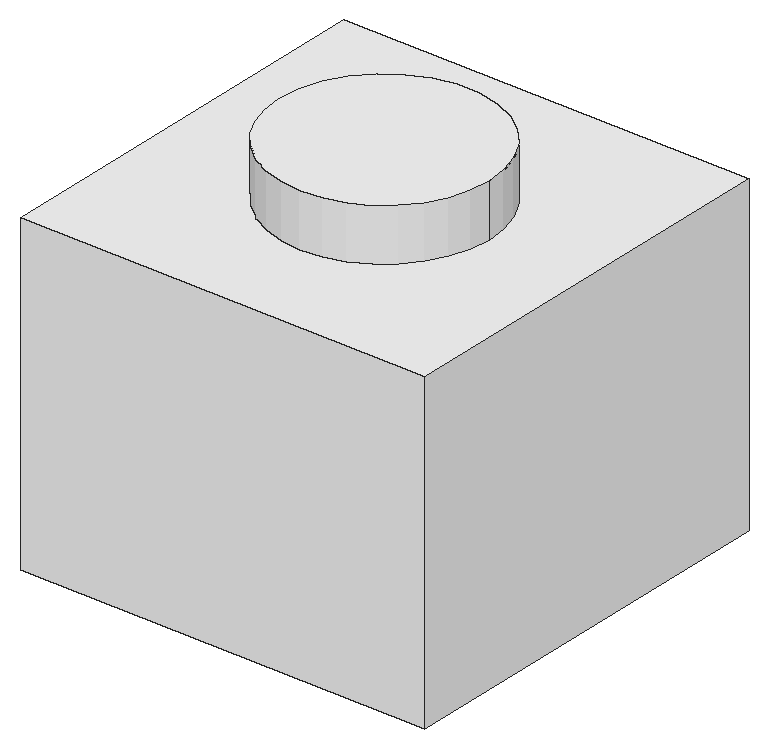
Revit family "CADS_AIRFLOWdev_Speed_Switches", category Electrical Fixtures, host Face, Revit 2015
Parameters (values of type "1 amp electronic illuminated stepless speed controller reversible")
  WarrantyStartDate [instance] = "N/A"
  WarrantyIdentifier = "N/A"
  WarrantyGuarantorParts = "info@airflow.com"
  WarrantyGuarantorLabor = "info@airflow.com"
  WarrantyGuarantor = "Airflow Developments Ltd"
  WarrantyEndDate [instance] = "N/A"
  WarrantyContent = "See Airflow Developments Ltd warranty terms."
  Uniclass2015 = "Pr_65_72_97_22"
  ToggleSwitchType [instance] = "N/A"
  TagNumber [instance] = "N/A"
  Symbol Offset Face [instance] = 5 mm
  Symbol Lateral Offset [instance] = 6 mm
  Symbol = Speed Switch General Symbol : 1amp Reversable Speed Controller
  SwitchUsage [instance] = "Airflow Development Ltd. Domestic Fans"
  SwitchOperation [instance] = "N/A"
  SwitchFunction = "Rotary"
  SwitchDisconnectorType [instance] = "Electronic"
  SwitchActivation [instance] = "Push Button & Rotary"
  SustainabilityPerformance = "N/A"
  SupplyPhase = 1
  Status [instance] = "New"
  StarterType [instance] = "N/A"
  Size = "77x70x77"
  ShippingWeight = 0.40 kg
  Shape = "Rectangular"
  SetPoint = "Variable"
  ServiceLifeType = "ExpectedServiceLife"
  ServiceLifeDuration = "10"
  SerialNumber [instance] = "N/A"
  SelectorType [instance] = "On/Off & Speed Control"
  ReplacementCost = "119.352"
  RatedVoltage = 240 V
  RatedCurrent = 1 A
  Quantity = 1
  ProductionYear = "2017"
  ProductLiterature = "N/A"
  PowerFactor = "N/A"
  PointOfContact = "Airflow Developments Ltd"
  OperationAndMaintenanceManual = "N/A"
  NumberOfPoles = 1
  NumberOfGangs = 1
  NominalWidth = 77 mm
  NominalLength = 70 mm
  NominalHeight = 77 mm
  NominalFrequencyRange = "50/60"
  NBSCode = "90-60-25/330 Dimmer switches and controls;"
  MomentaryType [instance] = "N/A"
  ModelReference = "9041566"
  ModelLabel = "1 amp electronic illuminated stepless speed controller reversible"
  Material = "Plastic"
  ManufacturerWebsite = "www.airflow.com"
  ManufacturerTelephone = "01494 525252"
  ManufacturerE-Mail = "info@airflow.com"
  ManufacturerAddress = "Aidelle House\nLancaster Road\nCressex Business Park\nHigh Wycombe\nBucks\nHP123QP"
  Manufacturer = "Airflow Developments Ltd"
  LoadDisconnectionType [instance] = "N/A"
  Legend = "N/A"
  Leader [instance] = no
  KeypadType [instance] = "N/A"
  IsIlluminated = yes
  IsExtendedWarranty = no
  InsulationStandardClass = "N/A"
  ISO90001 = yes
  ISO140001 = yes
  IP_Code = "N/A"
  HasProtectiveEarth = no
  HasLock = no
  GrossWeight = 0.30 kg
  Grade = "N/A"
  GlobalTradeItemNumber = "5019009307787"
  Finish = "White"
  Features [instance] = "1 amp electronic illuminated stepless speed controller reversible"
  Exclusions = "Incorrect Use / Incorrect Installation / Installed by a non-accredited electrician. Customer abuse."
  DurationUnit = "Years"
  DimmerType = "N/A"
  Dial_Offset = 0 mm
  Dial_Dia = 40 mm
  Dial_Depth = 10 mm
  Description = "1 amp electronic illuminated stepless speed controller reversible"
  Default Elevation = 1219.2 mm
  ControlID [instance] = ""
  ContactorType = "Standard"
  Constituents = "White"
  Color = "White"
  CodePerformance = "N/A"
  CEApproval = yes
  CADS_Index = 0
  Box_H = 70 mm
  Box = 77 mm
  Body = CADS_AirFlow_White
  AssetType = "Fixed"
  AssetIdentifier [instance] = "N/A"
  AssemblyPlace = "N/A"
  AccessibilityPerformance = "N/A"
Reference planes
  plane 1 "Center (Front/Back)": y = 0
  plane 2: z = 0
  plane 3 "Center (Left/Right)": x = 0
  plane 4: x = -38.5
  plane 5: x = 38.5
  plane 6: y = 77
  plane 7: y = 38.5
  plane 8 "Box": z = 70
  plane 9: z = 60
  plane 10: x = 0
  plane 11: y = 38.5
Forms (mm)
  Extrusion 1, solid, material "CADS_AirFlow_White" <- "Body"
    sketch origin (0, 0, 0) x (1, 0, 0) y (0, 1, 0)
      loop
        line (-38.5, 77) -> (-38.5, 0) -> (38.5, 0) -> (38.5, 77) -> (-38.5, 77)
    from 0 to 60
  Extrusion 2, solid, material "CADS_AirFlow_White" <- "Body"
    sketch origin (0, 0, 70) x (-1, 0, 0) y (0, -1, 0)
      loop
        circle (0, -38.5) r 20
    from -10 to 0
Dimensions and locks
  equal spacing: plane 4, plane 3 "Center (Left/Right)", plane 5
  "Box": plane 4 to plane 5
  "Box": plane 6 to plane 1 "Center (Front/Back)"
  "Box_H": plane 8 "Box" to level
  "Dial_Depth": plane 8 "Box" to plane 9
  equal spacing: plane 6, plane 7, plane 1 "Center (Front/Back)"
  "Dial_Offset": plane 3 "Center (Left/Right)" to plane 10
  "Dial_Offset": plane 7 to plane 11
  "Dial_Dia": diameter of Extrusion 2 sketch curve
  aligned and locked: plane 2 to host face
  aligned and locked: level to host face
  aligned and locked: plane 4 to Extrusion 1 sketch curve
  aligned and locked: Extrusion 1 to level
  aligned and locked: plane 9 to Extrusion 1
  aligned and locked: Extrusion 2 to plane 9
  aligned and locked: plane 8 "Box" to Extrusion 2
  aligned and locked: Extrusion 1 sketch curve to plane 1 "Center (Front/Back)"
  aligned and locked: plane 3 "Center (Left/Right)" to nested 1
  aligned and locked: plane 1 "Center (Front/Back)" to nested 1
  aligned and locked: plane 11 to Extrusion 2 sketch curve
  aligned and locked: plane 10 to Extrusion 2 sketch curve
Automatic sketch dimensions
  host sketch curve to host sketch curve = 2438.4 mm  (x2)
  Extrusion 1 sketch curve to plane 5 = 0 mm
  Extrusion 1 sketch curve to plane 6 = 0 mm
Nested families
  nested 1: "Speed Switch General Symbol" at (0, 0, 0), symbol offset face <- "Symbol Offset Face", symbol lateral position <- "Symbol Lateral Offset", leader <- "Leader", type <- "Symbol", type "1amp Reversable Speed Controller"
    with symbol offset side 0 mm, symbol offset face 5 mm, symbol lateral position 6 mm, symbol lateral check 6 mm, leader lateral check 12 mm, leader no
Connectors
  electrical at (0, 38.5, 0), driven by "RatedVoltage"
    settings: on Extrusion 1, index 1, voltage 240 V, apparent load 0 VA, apparent load phase1 0 VA, apparent load phase2 0 VA, apparent load phase3 0 VA, power factor 1, load classification "Other", number of poles 1, system type 30, power factor state 1, is connector primary yes, connector utility no, sub classification motor no, connector description ""
Definition of nested family "Speed Switch General Symbol"
  Parameters (values of type "Electrical Humidistat On/Off")
    symbol offset side [instance] = if(leader, symbol offset face, 0 mm)  # 5 mm
    symbol lateral position [instance] = 6 mm
    symbol lateral check [instance] = if(not(leader), 6 mm, if(symbol lateral position > 6 mm, 12 mm, (symbol lateral position + 6 mm)))  # 12 mm
    symbol offset face [instance] = 5 mm
    leader lateral check [instance] = if(not(leader), 12 mm, symbol lateral check)  # 12 mm
    leader [instance] = yes
    Symbol = Speed Switches : Eletrical Humidistat On/Off
  Types (7, lengths in mm): name | Symbol
    Variable Speed Fan Controller | Speed Switches : Variable Speed Fan Controller
    1amp Reversable Speed Controller | Speed Switches : 1amp Reversable Speed Controller
    1 Amp Stepless Speed Controller | Speed Switches : 1 Amp Stepless Speed Controller
    3 Amp Stepless Speed Controller | Speed Switches : 3 Amp Stepless Speed Controller
    QuietAir 150 VS Controller | Speed Switches : QuietAir 150 VS Controller
    PIR Motion Sensor Timer | Speed Switches : PIR Motion Sensor
    Electrical Humidistat On/Off | Speed Switches : Eletrical Humidistat On/Off
  Reference planes
    plane 1: y = 0
    plane 2: x = 0
  Lines and regions (mm)
    reference lines
      curve 1: line (-6, 3.542, 0) -> (-6, -3.439, 0)
      curve 2: line (-10.193, 5, 0) -> (1.819, 5, 0)
      curve 3: line (6, 3.542, 0) -> (6, -3.439, 0)
    detail lines, visible <- "leader"
      curve 4: line (0, 0, 0) -> (6, 5, 0)
    detail lines, not visible
      curve 5: line (0, 3.994, 0) -> (0, 2.003, 0)
  Text (mm)
    text "SS" at (-0.005, 6.181, 0), not visible
  Dimensions and locks
    curve 1 to plane 2 = 6 mm
    "symbol offset side": plane 1 to curve 2
    "symbol lateral check": curve 1 to curve 3
    "symbol offset face": plane 1 to curve 4
    "leader lateral check": curve 1 to curve 4
    aligned and locked: plane 1 to curve 4
    aligned and locked: plane 2 to curve 4
    aligned and locked: curve 3 to nested 1
    aligned and locked: curve 2 to nested 1
  Automatic sketch dimensions
    curve 5 to curve 5 = 1.991 mm
    curve 2 to curve 1 = 4.193 mm
    plane 2 to curve 2 = 1.819 mm
    curve 1 to plane 1 = 3.542 mm
    curve 3 to plane 1 = 3.542 mm
    plane 1 to curve 3 = 3.439 mm
    plane 1 to curve 1 = 3.439 mm
  Nested families
    nested 1: "Speed Switches" at (6, 5, 0), type <- "Symbol", type "Eletrical Humidistat On/Off"
  Definition of nested family "Speed Switches"
    Parameters (values of type "PIR Motion Sensor")
      Variable Speed Fan Controller = no
      Speed Controller = no
      QuietAir 150 VS Controller = no
      PIR Motion Sensor Timer = yes
      Electrical Humidistat On/Off = no
      3 Amp Stepless Speed Controller = no
      1amp Reversable Speed Controller = no
      1 Amp Stepless Speed Controller = no
    Types (7, lengths in mm): name | Variable Speed Fan Controller | Speed Controller | QuietAir 150 VS Controller | PIR Motion Sensor Timer | Electrical Humidistat On/Off | 3 Amp Stepless Speed Controller | 1amp Reversable Speed Controller | 1 Amp Stepless Speed Controller
      Variable Speed Fan Controller | yes | yes | no | no | no | no | no | no
      1amp Reversable Speed Controller | no | yes | no | no | no | no | yes | no
      1 Amp Stepless Speed Controller | no | yes | no | no | no | no | no | yes
      3 Amp Stepless Speed Controller | no | yes | no | no | no | yes | no | no
      QuietAir 150 VS Controller | no | yes | yes | no | no | no | no | no
      Eletrical Humidistat On/Off | no | yes | no | no | yes | no | no | no
      PIR Motion Sensor | no | no | no | yes | no | no | no | no
    Reference planes
      plane 1: y = 0
      plane 2: x = 0
    Lines and regions (mm)
      detail lines
        curve 1: line (0, 0, 0) -> (0, 2, 0)
        curve 4: line (1.5, 2, 0) -> (-1.5, 2, 0)
      detail lines, visible <- "Speed Controller"
        curve 2: line (-1.5, 5.141, 0) -> (1.5, 5.141, 0)
        curve 3: line (-1.5, 2, 0) -> (-1.5, 5.141, 0)
        curve 5: line (1.5, 5.141, 0) -> (1.5, 2, 0)
        curve 6: line (-0.85, 4.374, 0) -> (0.969, 4.374, 0)
      detail lines, visible <- "PIR Motion Sensor Timer"
        curve 7: line (1.5, 2, 0) -> (3.163, 4.374, 0)
        curve 8: line (-1.5, 2, 0) -> (-3.163, 4.374, 0)
        curve 9: line (0, 2, 0) -> (0, 6.324, 0)
        curve 10: line (-2.78, 3.828, 0) -> (0, 5.141, 0)
        curve 11: line (2.78, 3.828, 0) -> (0, 5.141, 0)
    Text (mm)
      text "033" at (-1.574, 7.599, 0), visible <- "Variable Speed Fan Controller"
      text "566" at (-1.574, 7.599, 0), visible <- "1amp Reversable Speed Controller"
      text "565" at (-1.574, 7.599, 0), visible <- "1 Amp Stepless Speed Controller"
      text "569" at (-1.574, 7.599, 0), visible <- "3 Amp Stepless Speed Controller"
      text "514" at (-1.574, 7.599, 0), visible <- "QuietAir 150 VS Controller"
      text "570" at (-1.574, 7.599, 0), visible <- "Electrical Humidistat On/Off"
    Dimensions and locks
      equal spacing: curve 3, plane 2, curve 5
